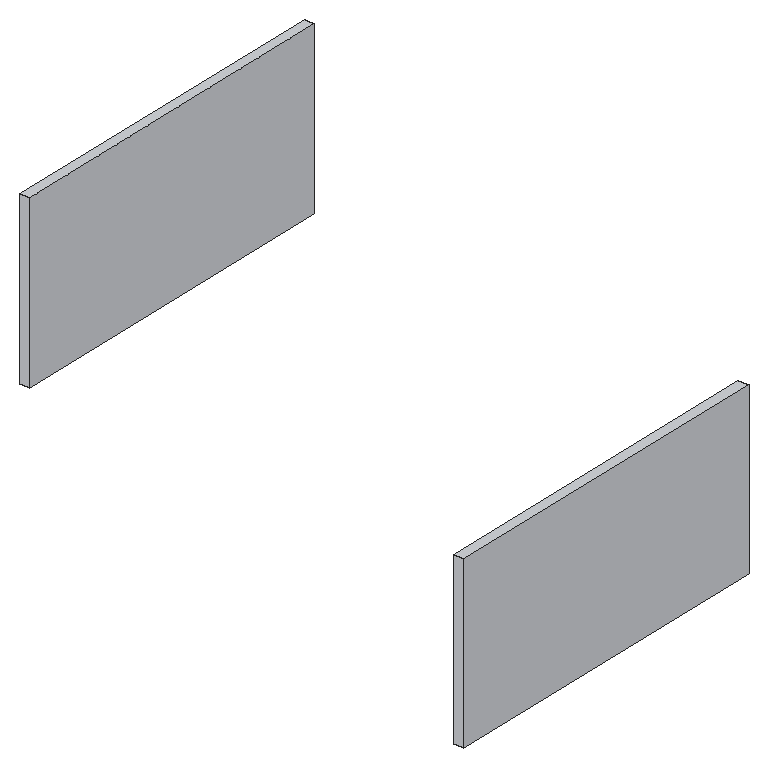
Revit family "EKF355 BIM position 1", category Mechanical Equipment, Revit 2013
Parameters (values of type "EKF355E1")
  Width = "600 mm"
  Weight = "63 kg"
  Warranty period = "Unit 2 years                                    Motor 5 years"
  Sub Type = "Lo-Carbon Kitchen Box Fan"
  Width (including handles) = "684 mm"
  Height (inclusing controller) = "708mm"
  Product Description = "Lo-Carbon Kitchen Box Fan"
  Part Number = "EKF355E1"
  Operating Temperature = "(-20C to +40C)"
  Maximum In-Duct Temperature = "120 Degrees C"
  Motor Rating = "0.29kW Max"
  Manufacturer - Website = "www.vent-axia.com"
  Manufacturer - Name = "Vent-Axia Ltd"
  Manufacturer - Email = "sales@vent-axia.com"
  Manufacturer - Contact Phone = "0844 856 0590"
  Manufacturer - Address = "Fleming Way, Crawley, West Sussex RH10 9YX"
  IP Rating = "IP54"
  Height = "600 mm\r\n220mm"
  Length = "600 mm"
  Family = "In-Line Range"
  Country of Manufacture = "UK"
  Category = "Lo-Carbon Kitchen Box Fan"
  AC Voltage Input = "220-240 V AC (single phase)"
  AC Frequency Input = "50Hz nominal"
Reference planes
  plane 1 "Center (Front/Back)": y = 0
  plane 2: z = 0
  plane 3 "Center (Left/Right)": x = 0
  plane 4: x = -300
  plane 5: x = 300
  plane 6: y = -342
  plane 7: y = 342
  plane 8: z = 354
  plane 9: z = -354
Forms (mm)
  Extrusion 1, solid, detail levels coarse+medium
    sketch origin (-547.926, 273.949, 0) x (1, 0, 0) y (0, 1, 0)
      loop
        line (179.08, 91.051) -> (179.08, -669.889) -> (921.752, -669.889) -> (921.752, 91.051) -> (179.08, 91.051)
    from -411.511 to 400
  Extrusion 2, solid
    sketch origin (0, 0, 0) x (0, 1, 0) y (0, 0, 1)
      loop
        line (242.344, 177.246) -> (-237.656, 177.246) -> (-237.656, -52.754) -> (242.344, -52.754) -> (242.344, 177.246)
    from -300.346 to -287.946
  Extrusion 3, solid
    sketch origin (0, 0, 0) x (0, 1, 0) y (0, 0, 1)
      loop
        line (-237.656, -54.254) -> (-237.656, -282.754) -> (242.344, -282.754) -> (242.344, -54.254) -> (-237.656, -54.254)
    from 285.754 to 299.654
Dimensions and locks
  plane 4 to plane 5 = 600 mm
  plane 6 to plane 7 = 684 mm
  plane 8 to plane 9 = 708 mm  (x2)
Connectors
  hvac at (299.654, 2.344, -168.504)
    settings: on import instance, index 1, duct flow 0.0 L/s, flow factor 0, pres drop 0.0 Pa, loss coef 0, conn angle 0.00°, conn width 480 mm, conn height 230 mm, conn radius 304.8 mm, duct sys type 2, conn prof type 1, flow config 0, flow direction 1, loss method 0, conn ref index -1, conn util no, is conn primary yes, conn desc ""
  hvac at (-300.346, 2.344, 62.246)
    settings: on import instance, index 2, duct flow 0.0 L/s, flow factor 0, pres drop 0.0 Pa, loss coef 0, conn angle 0.00°, conn width 480 mm, conn height 230 mm, conn radius 304.8 mm, duct sys type 2, conn prof type 1, flow config 0, flow direction 2, loss method 0, conn ref index -1, conn util no, is conn primary no, conn desc ""
